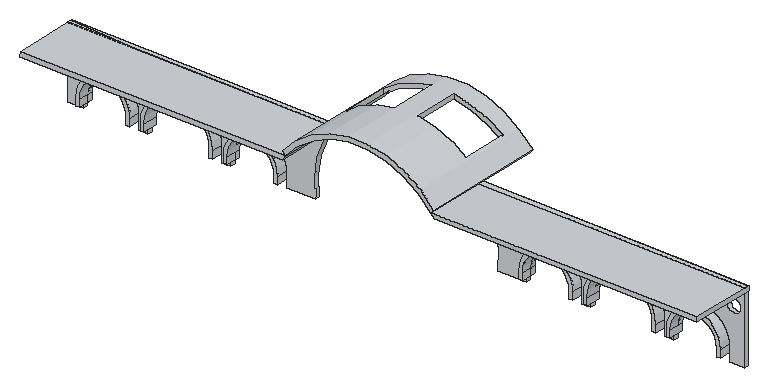
Revit family
Parameters
  URL = "www.siouxchief.com"
  Model = "521-112"
  Manufacturer = "Sioux Chief Manufacturing"
  Keynote = "Position Bracket"
  Description = "Position Bracket"
Reference planes (in)
  plane 1 "Center (Front/Back)": y = 0
  plane 2: z = 0
  plane 3 "Center (Left/Right)": x = 0
  plane 4: z = 0.1977
  plane 5: y = -0.87367
  plane 6: y = 0.7951
Forms (in)
  Extrusion 1, solid
    sketch origin (0, 0, 0) x (0, 0, 1) y (-1, 0, 0)
      loop
        line (0, -4.585) -> (0.97, -4.585) -> (0.97, 4.585) -> (0, 4.585) -> (0, -4.585)
    from 0 to 0.059
  Extrusion 2, void
    sketch origin (0, 0, 0) x (0, 0, 1) y (-1, 0, 0)
      loop
        line (0.19722, 4.31795) -> (0.1, 4.31795) -> (0.1, 4.37645) -> (0, 4.37645) -> (0, 3.62645) -> (0.1, 3.62645) -> (0.1, 3.68495) -> (0.19722, 3.68495)
        arc (0.19722, 3.68495) -> (0.51372, 4.00145) -> (0.19722, 4.31795) r 0.3165
    from 0 to 0.1
  Extrusion 3, solid
    sketch origin (0, 0, 0) x (0, 0, 1) y (-1, 0, 0)
      loop
        arc (0.19722, 4.31795) -> (0.51372, 4.00145) -> (0.19722, 3.68495) r 0.3165
        line (0.19722, 3.68495) -> (0.1, 3.68495) -> (0.1, 3.63495) -> (0.19722, 3.63495)
        arc (0.19722, 3.63495) -> (0.56372, 4.00145) -> (0.19722, 4.36795) r 0.3665
        line (0.19722, 4.36795) -> (0.1, 4.36795) -> (0.1, 4.31795) -> (0.19722, 4.31795)
    from 0 to 0.2
  Extrusion 4, solid, not visible
    sketch origin (0, 0, 0) x (0, 0, 1) y (-1, 0, 0)
      loop
        circle (0.19722, 4.00145) r 0.3165
    from 0 to 0.1
  Extrusion 5, void
    sketch origin (2, 0, 0) x (0, 0, 1) y (-1, 0, 0)
      loop
        line (0.19722, 4.31795) -> (0.1, 4.31795) -> (0.1, 4.37645) -> (0, 4.37645) -> (0, 3.62645) -> (0.1, 3.62645) -> (0.1, 3.68495) -> (0.19722, 3.68495)
        arc (0.19722, 3.68495) -> (0.51372, 4.00145) -> (0.19722, 4.31795) r 0.3165
    from 0 to 0.1
  Extrusion 6, solid
    sketch origin (2, 0, 0) x (0, 0, 1) y (-1, 0, 0)
      loop
        arc (0.19722, 4.31795) -> (0.51372, 4.00145) -> (0.19722, 3.68495) r 0.3165
        line (0.19722, 3.68495) -> (0.1, 3.68495) -> (0.1, 3.63495) -> (0.19722, 3.63495)
        arc (0.19722, 3.63495) -> (0.56372, 4.00145) -> (0.19722, 4.36795) r 0.3665
        line (0.19722, 4.36795) -> (0.1, 4.36795) -> (0.1, 4.31795) -> (0.19722, 4.31795)
    from 0 to 0.2
  Extrusion 7, solid
    sketch origin (1, 0, 1.5) x (0, 0, -1) y (1, 0, 0)
      loop
        line (1.4, -4.44295) -> (1.30278, -4.44295)
        arc (1.30278, -4.44295) -> (0.86128, -4.00145) -> (1.30278, -3.55995) r 0.4415
        line (1.30278, -3.55995) -> (1.4, -3.55995) -> (1.4, -3.50995) -> (1.30278, -3.50995)
        arc (1.30278, -3.50995) -> (0.81128, -4.00145) -> (1.30278, -4.49295) r 0.4915
        line (1.30278, -4.49295) -> (1.4, -4.49295) -> (1.4, -4.44295)
    from 0 to 0.2
  Extrusion 8, solid, not visible
    sketch origin (1, 0, 1.5) x (0, 0, -1) y (1, 0, 0)
      loop
        circle (1.30278, -4.00145) r 0.4415
    from 0 to 0.1
  Extrusion 9, void
    sketch origin (1, 0, 1.5) x (0, 0, -1) y (1, 0, 0)
      loop
        line (1.30278, -4.44295) -> (1.4, -4.44295) -> (1.4, -4.50145) -> (1.5, -4.50145) -> (1.5, -3.50145) -> (1.4, -3.50145) -> (1.4, -3.55995) -> (1.30278, -3.55995)
        arc (1.30278, -3.55995) -> (0.86128, -4.00145) -> (1.30278, -4.44295) r 0.4415
    from 0 to 0.1
  Extrusion 10, void
    sketch origin (0, -0.75, 0.04) x (0, 0, 1) y (-1, 0, 0)
      loop
        circle (0.65959, 4.44314) r 0.094
    from -0.75 to -0.691
  Extrusion 11, void
    sketch origin (0.9367, -0.75, 0.04) x (0, 0, 1) y (-1, 0, 0)
      loop
        circle (0.65959, 4.44314) r 0.094
    from -0.75 to -0.691
  Extrusion 12, void
    sketch origin (1.9682, -0.75, 0.04) x (0, 0, 1) y (-1, 0, 0)
      loop
        circle (0.65959, 4.44314) r 0.094
    from -0.75 to -0.691
  Extrusion 13, void
    sketch origin (2.9077, -0.75, 0.04) x (0, 0, 1) y (-1, 0, 0)
      loop
        circle (0.65959, 4.44314) r 0.094
    from -0.75 to -0.691
  Extrusion 14, solid, not visible
    sketch origin (-6.00289, 0, 0) x (0, 0, 1) y (-1, 0, 0)
      loop
        circle (0.19722, -4.00145) r 0.3165
    from 0 to 0.1
  Extrusion 15, solid
    sketch origin (0, 0, 0) x (0, 0, 1) y (-1, 0, 0)
      loop
        line (0.19722, -4.31795) -> (0.1, -4.31795) -> (0.1, -4.36795) -> (0.19722, -4.36795)
        arc (0.19722, -4.36795) -> (0.56372, -4.00145) -> (0.19722, -3.63495) r 0.3665
        line (0.19722, -3.63495) -> (0.1, -3.63495) -> (0.1, -3.68495) -> (0.19722, -3.68495)
        arc (0.19722, -3.68495) -> (0.51372, -4.00145) -> (0.19722, -4.31795) r 0.3165
    from 0 to 0.2
  Extrusion 16, solid, not visible
    sketch origin (0, 0, 0) x (0, 0, 1) y (-1, 0, 0)
      loop
        circle (0.19722, -4.00145) r 0.3165
    from 0 to 0.1
  Extrusion 17, void
    sketch origin (-2, 0, 0) x (0, 0, 1) y (-1, 0, 0)
      loop
        arc (0.19722, -4.31795) -> (0.51372, -4.00145) -> (0.19722, -3.68495) r 0.3165
        line (0.19722, -3.68495) -> (0.1, -3.68495) -> (0.1, -3.62645) -> (0, -3.62645) -> (0, -4.37645) -> (0.1, -4.37645) -> (0.1, -4.31795) -> (0.19722, -4.31795)
    from 0 to 0.1
  Extrusion 18, solid
    sketch origin (-2, 0, 0) x (0, 0, 1) y (-1, 0, 0)
      loop
        line (0.19722, -4.31795) -> (0.1, -4.31795) -> (0.1, -4.36795) -> (0.19722, -4.36795)
        arc (0.19722, -4.36795) -> (0.56372, -4.00145) -> (0.19722, -3.63495) r 0.3665
        line (0.19722, -3.63495) -> (0.1, -3.63495) -> (0.1, -3.68495) -> (0.19722, -3.68495)
        arc (0.19722, -3.68495) -> (0.51372, -4.00145) -> (0.19722, -4.31795) r 0.3165
    from 0 to 0.2
  Extrusion 19, solid
    sketch origin (-1, 0, 1.5) x (0, 0, -1) y (1, 0, 0)
      loop
        line (1.4, 4.44295) -> (1.4, 4.49295) -> (1.30278, 4.49295)
        arc (1.30278, 4.49295) -> (0.81128, 4.00145) -> (1.30278, 3.50995) r 0.4915
        line (1.30278, 3.50995) -> (1.4, 3.50995) -> (1.4, 3.55995) -> (1.30278, 3.55995)
        arc (1.30278, 3.55995) -> (0.86128, 4.00145) -> (1.30278, 4.44295) r 0.4415
        line (1.30278, 4.44295) -> (1.4, 4.44295)
    from 0 to 0.2
  Extrusion 20, solid, not visible
    sketch origin (-1, 0, 1.5) x (0, 0, -1) y (1, 0, 0)
      loop
        circle (1.30278, 4.00145) r 0.4415
    from 0 to 0.1
  Extrusion 21, void
    sketch origin (0, -0.75, 0.04) x (0, 0, 1) y (-1, 0, 0)
      loop
        circle (0.65959, -4.44314) r 0.094
    from -0.75 to -0.691
  Extrusion 22, void
    sketch origin (-0.9367, -0.75, 0.04) x (0, 0, 1) y (-1, 0, 0)
      loop
        circle (0.65959, -4.44314) r 0.094
    from -0.75 to -0.691
  Extrusion 23, void
    sketch origin (-1.9682, -0.75, 0.04) x (0, 0, 1) y (-1, 0, 0)
      loop
        circle (0.65959, -4.44314) r 0.094
    from -0.75 to -0.691
  Extrusion 24, void
    sketch origin (-2.9077, -0.75, 0.04) x (0, 0, 1) y (-1, 0, 0)
      loop
        circle (0.65959, -4.44314) r 0.094
    from -0.75 to -0.691
  Extrusion 25, solid, not visible
    sketch origin (6.00289, 0, 0) x (0, 0, 1) y (-1, 0, 0)
      loop
        circle (0.19722, 4.00145) r 0.3165
    from 0 to 0.1
  Extrusion 26, void
    sketch origin (0, -0.75, 0) x (0, 0, 1) y (-1, 0, 0)
      loop
        arc (0, -1.23427) -> (1.4477, 0) -> (0, 1.23427) r 1.25
        line (0, 1.23427) -> (0, -1.23427)
    from -0.75 to 0.12367
  Extrusion 27, solid
    sketch origin (0, -0.75, 0) x (0, 0, 1) y (-1, 0, 0)
      loop
        arc (0.97, 0.98288) -> (1.44489, 0) -> (0.97, -0.98288) r 1.25459
        line (0.97, -0.98288) -> (1.01269, -1.02557)
        arc (1.01269, -1.02557) -> (1.50489, 0) -> (1.01269, 1.02557) r 1.31459
        line (1.01269, 1.02557) -> (0.97, 0.98288)
    from -1.5451 to 0.12367
  Extrusion 28, solid
    sketch origin (0, 0, 0) x (0, 1, 0) y (0, 0, 1)
      loop
        line (0, 0.97) -> (-0.87, 0.97) -> (-0.87, 0.91) -> (0, 0.91) -> (0, 0.97)
    from -4.585 to 4.585
  Extrusion 29, void
    sketch origin (0, -0.75, 2.971) x (0, 1, 0) y (-1, 0, 0)
      loop
        line (1.30291, 0.8107) -> (0.68681, 0.8107) -> (0.68681, 0.1507) -> (1.30291, 0.1507) -> (1.30291, 0.8107)
    from -2.16574 to -1.28497
  Extrusion 30, void
    sketch origin (0, -0.75, 2.971) x (0, 1, 0) y (-1, 0, 0)
      loop
        line (1.30291, -0.8107) -> (1.30291, -0.1507) -> (0.68681, -0.1507) -> (0.68681, -0.8107) -> (1.30291, -0.8107)
    from -2.16574 to -1.28497
  Extrusion 31, solid, not visible
    sketch origin (0, -0.75, 0) x (0, 0, 1) y (-1, 0, 0)
      loop
        circle (0.1977, 0) r 1.25
    from 0 to 0.1
  Extrusion 32, void
    sketch origin (-1, 0, 1.5) x (0, 0, -1) y (1, 0, 0)
      loop
        arc (1.30278, 4.44295) -> (0.86128, 4.00145) -> (1.30278, 3.55995) r 0.4415
        line (1.30278, 3.55995) -> (1.4, 3.55995) -> (1.4, 3.50145) -> (1.5, 3.50145) -> (1.5, 4.50145) -> (1.4, 4.50145) -> (1.4, 4.44295) -> (1.30278, 4.44295)
    from 0 to 0.1
  Extrusion 33, void
    sketch origin (0, 0, 0) x (0, 0, 1) y (-1, 0, 0)
      loop
        arc (0.19722, -4.31795) -> (0.51372, -4.00145) -> (0.19722, -3.68495) r 0.3165
        line (0.19722, -3.68495) -> (0.1, -3.68495) -> (0.1, -3.62645) -> (0, -3.62645) -> (0, -4.37645) -> (0.1, -4.37645) -> (0.1, -4.31795) -> (0.19722, -4.31795)
    from 0 to 0.1
Cuts and joins
  Extrusion 2, Extrusion 5, Extrusion 9, Extrusion 10, Extrusion 11, Extrusion 12, Extrusion 13, Extrusion 17, Extrusion 21, Extrusion 22, Extrusion 23, Extrusion 24, Extrusion 26, Extrusion 30, Extrusion 32, Extrusion 33 cuts Extrusion 1
  Extrusion 5, Extrusion 33 cuts Extrusion 3
  Extrusion 5, Extrusion 33 cuts Extrusion 4
  Extrusion 5, Extrusion 17 cuts Extrusion 6
  Extrusion 17 cuts Extrusion 14
  Extrusion 17 cuts Extrusion 18
  Extrusion 22, Extrusion 32 cuts Extrusion 7
  Extrusion 22, Extrusion 32 cuts Extrusion 8
  Extrusion 26, Extrusion 30 cuts Extrusion 28
  Extrusion 29, Extrusion 30 cuts Extrusion 27
Dimensions and locks (in)
  locked: plane 1 "Center (Front/Back)" to plane 6 at 0.7951
  locked: plane 5 to plane 1 "Center (Front/Back)" at 0.87367
  aligned and locked: plane 2 to level
  aligned and locked: Extrusion 3 sketch curve to Extrusion 3 sketch curve
  aligned and locked: Extrusion 3 sketch curve to cut or joined group 1 (Extrusion 1, Extrusion 2, Extrusion 5, Extrusion 9, Extrusion 10, Extrusion 11, Extrusion 12, Extrusion 13, Extrusion 17, Extrusion 21, Extrusion 22, Extrusion 23, Extrusion 24, Extrusion 26, Extrusion 30, Extrusion 32, Extrusion 33)
  aligned and locked: Extrusion 6 sketch curve to Extrusion 6 sketch curve
  aligned and locked: Extrusion 7 sketch curve to Extrusion 7 sketch curve
  aligned and locked: Extrusion 10 to plane 1 "Center (Front/Back)"
  aligned and locked: cut or joined group 1 to Extrusion 10
  aligned and locked: Extrusion 11 to plane 1 "Center (Front/Back)"
  aligned and locked: cut or joined group 1 to Extrusion 11
  aligned and locked: Extrusion 12 to plane 1 "Center (Front/Back)"
  aligned and locked: Extrusion 13 to plane 1 "Center (Front/Back)"
  aligned and locked: Extrusion 15 sketch curve to Extrusion 15 sketch curve
  aligned and locked: Extrusion 18 sketch curve to Extrusion 18 sketch curve
  aligned and locked: Extrusion 19 sketch curve to Extrusion 19 sketch curve
  aligned and locked: plane 5 to Extrusion 27
  aligned and locked: Extrusion 27 to plane 6
  aligned and locked: Extrusion 28 to cut or joined group 1  (x2)
  aligned and locked: Extrusion 26 to plane 1 "Center (Front/Back)"
  aligned and locked: Extrusion 26 to Extrusion 27
Connectors (in)
  piping at (0, -0.85, 0.1977)
    settings: on Extrusion 31, index 1, connector radius 1 1/4", flow factor 0, pipe flow 0 GPM, pressure drop 0.00 psi, fitting loss kfactor 0, connector angle 0.00°, fixture units 0, flow configuration 0, flow direction 0, fitting loss method 0, system type 22, connector reference index 2, connector utility 0, adjustable connector no, is connector primary yes, fitting loss table "", connector description ""
  piping at (0, -0.75, 0.1977)
    settings: on Extrusion 31, index 2, connector radius 1 1/4", flow factor 0, pipe flow 0 GPM, pressure drop 0.00 psi, fitting loss kfactor 0, connector angle 0.00°, fixture units 0, flow configuration 0, flow direction 0, fitting loss method 0, system type 22, connector reference index 1, connector utility 0, adjustable connector no, is connector primary no, fitting loss table "", connector description ""
  piping at (-4.00145, -0.1, 0)
    settings: on cut or joined group of Extrusion 4, Extrusion 5, Extrusion 33, index 3, connector radius 1/4", flow factor 0, pipe flow 0 GPM, pressure drop 0.00 psi, fitting loss kfactor 0, connector angle 0.00°, fixture units 0, flow configuration 0, flow direction 0, fitting loss method 0, system type 22, connector reference index 4, connector utility 0, adjustable connector no, is connector primary no, fitting loss table "", connector description ""
  piping at (-4.00145, 0, 0)
    settings: on cut or joined group of Extrusion 4, Extrusion 5, Extrusion 33, index 4, connector radius 1/4", flow factor 0, pipe flow 0 GPM, pressure drop 0.00 psi, fitting loss kfactor 0, connector angle 0.00°, fixture units 0, flow configuration 0, flow direction 0, fitting loss method 0, system type 22, connector reference index 3, connector utility 0, adjustable connector no, is connector primary no, fitting loss table "", connector description ""
  piping at (-3.00145, -0.1, 0)
    settings: on cut or joined group of Extrusion 8, Extrusion 22, Extrusion 32, index 5, connector radius 0.38", flow factor 0, pipe flow 0 GPM, pressure drop 0.00 psi, fitting loss kfactor 0, connector angle 0.00°, fixture units 0, flow configuration 0, flow direction 0, fitting loss method 0, system type 22, connector reference index 6, connector utility 0, adjustable connector no, is connector primary no, fitting loss table "", connector description ""
  piping at (-3.00145, 0, 0)
    settings: on cut or joined group of Extrusion 8, Extrusion 22, Extrusion 32, index 6, connector radius 0.38", flow factor 0, pipe flow 0 GPM, pressure drop 0.00 psi, fitting loss kfactor 0, connector angle 0.00°, fixture units 0, flow configuration 0, flow direction 0, fitting loss method 0, system type 22, connector reference index 5, connector utility 0, adjustable connector no, is connector primary no, fitting loss table "", connector description ""
  piping at (-2.00145, -0.1, 0.19722)
    settings: on cut or joined group of Extrusion 14, Extrusion 17, index 7, connector radius 1/4", flow factor 0, pipe flow 0 GPM, pressure drop 0.00 psi, fitting loss kfactor 0, connector angle 0.00°, fixture units 0, flow configuration 0, flow direction 0, fitting loss method 0, system type 22, connector reference index -1, connector utility 0, adjustable connector no, is connector primary no, fitting loss table "", connector description ""
  piping at (-2.00145, 0, 0.19722)
    settings: on cut or joined group of Extrusion 14, Extrusion 17, index 8, connector radius 1/4", flow factor 0, pipe flow 0 GPM, pressure drop 0.00 psi, fitting loss kfactor 0, connector angle 0.00°, fixture units 0, flow configuration 0, flow direction 0, fitting loss method 0, system type 22, connector reference index -1, connector utility 0, adjustable connector no, is connector primary no, fitting loss table "", connector description ""
  piping at (2.00145, -0.1, 0.19722)
    settings: on Extrusion 25, index 9, connector radius 1/4", flow factor 0, pipe flow 0 GPM, pressure drop 0.00 psi, fitting loss kfactor 0, connector angle 0.00°, fixture units 0, flow configuration 0, flow direction 0, fitting loss method 0, system type 22, connector reference index 10, connector utility 0, adjustable connector no, is connector primary no, fitting loss table "", connector description ""
  piping at (2.00145, 0, 0.19722)
    settings: on Extrusion 25, index 10, connector radius 1/4", flow factor 0, pipe flow 0 GPM, pressure drop 0.00 psi, fitting loss kfactor 0, connector angle 0.00°, fixture units 0, flow configuration 0, flow direction 0, fitting loss method 0, system type 22, connector reference index 9, connector utility 0, adjustable connector no, is connector primary no, fitting loss table "", connector description ""
  piping at (3.00145, -0.1, 0.19722)
    settings: on Extrusion 20, index 11, connector radius 0.38", flow factor 0, pipe flow 0 GPM, pressure drop 0.00 psi, fitting loss kfactor 0, connector angle 0.00°, fixture units 0, flow configuration 0, flow direction 0, fitting loss method 0, system type 22, connector reference index 12, connector utility 0, adjustable connector no, is connector primary no, fitting loss table "", connector description ""
  piping at (3.00145, 0, 0.19722)
    settings: on Extrusion 20, index 12, connector radius 0.38", flow factor 0, pipe flow 0 GPM, pressure drop 0.00 psi, fitting loss kfactor 0, connector angle 0.00°, fixture units 0, flow configuration 0, flow direction 0, fitting loss method 0, system type 22, connector reference index 11, connector utility 0, adjustable connector no, is connector primary no, fitting loss table "", connector description ""
  piping at (4.00145, -0.1, 0.19722)
    settings: on Extrusion 16, index 13, connector radius 1/4", flow factor 0, pipe flow 0 GPM, pressure drop 0.00 psi, fitting loss kfactor 0, connector angle 0.00°, fixture units 0, flow configuration 0, flow direction 0, fitting loss method 0, system type 22, connector reference index 14, connector utility 0, adjustable connector no, is connector primary no, fitting loss table "", connector description ""
  piping at (4.00145, 0, 0.19722)
    settings: on Extrusion 16, index 14, connector radius 1/4", flow factor 0, pipe flow 0 GPM, pressure drop 0.00 psi, fitting loss kfactor 0, connector angle 0.00°, fixture units 0, flow configuration 0, flow direction 0, fitting loss method 0, system type 22, connector reference index 13, connector utility 0, adjustable connector no, is connector primary no, fitting loss table "", connector description ""
